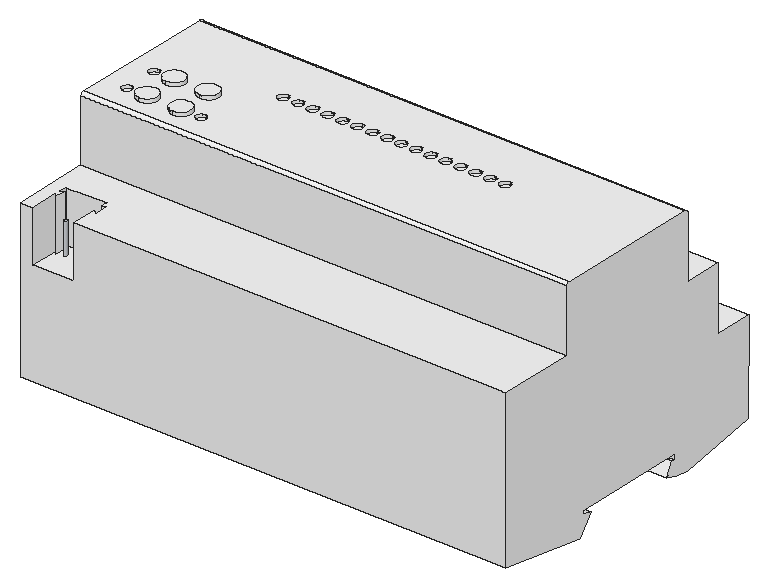
Revit family "Gira_107900", category Electrical Fixtures, host Face, Revit 2017
Family settings
  Host = Face
  Maintain Annotation Orientation = No
  Round Connector Dimension = Use Diameter
  Part Type = Normal
  Cut with Voids When Loaded = No
  Shared = No
  Room Calculation Point = No
Parameters (values of type "Pow.supply 640 mA w/o choke KNX DRA")
  URL = "https://www.gira.de/"
  Type Comments = ""
  Suitable for C-load = no
  Rated current [Ampere] = 0
  Number of integrated choke coils = 0
  Model = ""
  Max. number of switching contacts = 0
  Manufacturer = "Gira"
  Local operation/hand operation = no
  Keynote = ""
  HeinzeBIM = "https://www.heinze.de/bim/pow-supply-640-ma-w-o-choke-knx-dra/dcdc9d8b2239130fc9737134f1ddaba9afbbed0b"
  HAN = "107900"
  GTIN = "4010337009115"
  Description = "PS 640 mA w o choke DRA KNX KNX power supply 640 mA uninterruptible,DRA Features: - The uninterruptible power supply 640 mA generates the KNX system voltage. - With integrated choke for de-coupling the bus line from the power supply. - With connections for a lead-gel rechargeable accumulators for buffering KNX voltage in case of a mains failure. - Up to two lead-gel rechargeable accumulators can be connected and charged via the uninterruptible power supply. - The charging voltage is controlled depending on the temperature using a temperature sensor. - The uninterruptible power supply has a zero-voltage 2-way switch for reporting a fault (e.g. mains failure, battery failure, overload, or short circuit).,Notes : - Connection is made via KNX bus connection or junction terminals (no data rail required). - Recommendation: Overvoltage protection for Gira KNX products. - Overvoltage diverter BUStector BT 24, manufacturer: DEHN + SÖHNE, Article No. 925001."
  Default Elevation = 1219.2 mm
  Cost = 0
  Bus connection included = no
  BIMSITE_PRODUCT_ID = "dcdc9d8b2239130fc9737134f1ddaba9afbbed0b"
  BIM = "https://media.live.bim.site/t/eyJhbGciOiJIUzI1NiIsInR5cCI6IkpXVCJ9.eyJjdCI6MSwidGYiOiJwdWJsaWMvZ2lyYS8wOWY1ZGI1L1JFRyAxNmYucmZhIiwiY2lkIjoiZmVkOThlOWEtMWJkOC00YzY4LWE3M2ItNzRhOTRlMzE1ODIzIiwicmlkIjoiMzViNjEyZGYzMmE5YTE2YmNmNjc0ZjQyOTQwMDM4ZGMiLCJwaWQiOiJkY2RjOWQ4YjIyMzkxMzBmYzk3MzcxMzRmMWRkYWJhOWFmYmJlZDBiIiwic2lkIjoiNjM0NzAiLCJ1dCI6NSwibGMiOiJlbiIsImlhdCI6MTYwNzQzMTQ5NCwiaXNzIjoiaHR0cHM6Ly9hcGkubGl2ZS5iaW0uc2l0ZSIsInN1YiI6IjhkM2FhNWNiLWUwNjYtNDU5OC1iZTE2LTZlMTZlZTc0OTU2YSJ9.2GV00s8diAvY0cetTmTereBjHLc2FbKQk0LV6fJdawo/REG 16f.rfa"
  Assembly Code = ""
Reference planes
  plane 1 "Center (Front/Back)": y = 0
  plane 2: z = 0
  plane 3 "Center (Left/Right)": x = 0
Forms (mm)
  Extrusion 1, solid, material "White", detail levels fine
    sketch origin (-36, 0, 0) x (0, 1, 0) y (0, 0, 1)
      loop
        line (45.125, -2.619) -> (45.125, 24.95) -> (33.875, 24.95) -> (33.875, 43.8) -> (22.575, 43.8) -> (22.575, 62.05)
        arc (22.575, 62.05) -> (22.311, 62.686) -> (21.675, 62.95) r 0.9
        line (21.675, 62.95) -> (-21.175, 62.95)
        arc (-21.175, 62.95) -> (-21.785, 62.758) -> (-22.175, 62.25) r 1.064
        line (-22.175, 62.25) -> (-22.175, 43.8) -> (-44.725, 43.8) -> (-44.725, -2.619)
        arc (-44.725, -2.619) -> (-31.081, -5.433) -> (-17.243, -7.049) r 160
        line (-17.243, -7.049) -> (-13.165, -1.734) -> (-16.399, -0.807) -> (-16.399, 0) -> (17.8, 0) -> (17.8, -1.4) -> (16.8, -1.4) -> (14.749, -4.952)
        arc (14.749, -4.952) -> (18.64, -6.184) -> (22.7, -6.6) r 20
        arc (22.7, -6.6) -> (33.983, -5.009) -> (45.125, -2.619) r 160
    from -36 to 108
  Extrusion 2, void, detail levels fine
    sketch origin (-34, 0, 0) x (1, 0, 0) y (0, 1, 0)
      loop
        circle (30, 26.925) r 2.55
      loop
        circle (21.75, 26.925) r 2.55
      loop
        circle (12.75, 26.925) r 2.55
      loop
        circle (4.5, 26.925) r 2.55
      loop
        circle (-4.5, 26.925) r 2.55
      loop
        circle (-12.75, 26.925) r 2.55
      loop
        circle (-21.75, 26.925) r 2.55
      loop
        circle (-30, 26.925) r 2.55
    from 37.936 to 43.8
  Extrusion 3, void, detail levels fine
    sketch origin (-34, 11.25, -18.85) x (1, 0, 0) y (0, 1, 0)
      loop
        circle (30, 26.925) r 2.55
      loop
        circle (21.75, 26.925) r 2.55
      loop
        circle (12.75, 26.925) r 2.55
      loop
        circle (4.5, 26.925) r 2.55
      loop
        circle (-4.5, 26.925) r 2.55
      loop
        circle (-12.75, 26.925) r 2.55
      loop
        circle (-21.75, 26.925) r 2.55
      loop
        circle (-30, 26.925) r 2.55
    from 37.936 to 43.8
  Extrusion 4, void, detail levels fine
    sketch origin (-36, 0, 0) x (1, 0, 0) y (0, 1, 0)
      loop
        circle (-13, -3.875) r 3
      loop
        circle (-23, -3.875) r 3
      loop
        circle (-23, -13.875) r 3
      loop
        circle (-13, -13.875) r 3
      loop
        circle (-29, -3.875) r 1.575
      loop
        circle (-29, -13.875) r 1.575
      loop
        circle (-7, -13.875) r 1.575
      loop
        circle (2.006, 5.325) r 1.625
      loop
        circle (6.406, 5.325) r 1.575
      loop
        circle (10.806, 5.325) r 1.625
      loop
        circle (15.206, 5.325) r 1.625
      loop
        circle (19.606, 5.325) r 1.625
      loop
        circle (24.006, 5.325) r 1.625
      loop
        circle (28.406, 5.325) r 1.575
      loop
        circle (32.806, 5.325) r 1.625
      loop
        circle (37.006, 5.325) r 1.625
      loop
        circle (41.406, 5.325) r 1.575
      loop
        circle (45.806, 5.325) r 1.625
      loop
        circle (50.206, 5.325) r 1.625
      loop
        circle (54.606, 5.325) r 1.625
      loop
        circle (59.006, 5.325) r 1.625
      loop
        circle (63.406, 5.325) r 1.575
      loop
        circle (67.806, 5.325) r 1.625
    from 58.253 to 62.95
  Extrusion 5, void, detail levels fine
    sketch origin (-36, 0, 0) x (1, 0, 0) y (0, 1, 0)
      loop
        line (-32.175, -32.6) -> (-32.175, -34.9) -> (-31.24, -34.36) -> (-31.401, -37.165) -> (-32.175, -36.7) -> (-32.175, -44.875) -> (-20.175, -44.875) -> (-20.175, -37.33) -> (-19.075, -37.965) -> (-19.075, -33.635) -> (-20.175, -34.27) -> (-20.175, -32.6) -> (-32.175, -32.6)
    from 28.5 to 43.8
  Extrusion 6, solid, detail levels fine
    sketch origin (-36, 0, 0) x (1, 0, 0) y (0, 1, 0)
      loop
        circle (-29.375, -36.2) r 0.5
      loop
        circle (-23.575, -36.2) r 0.5
    from 28.5 to 37.5
  Extrusion 7, void, detail levels fine
    sketch origin (-34, 0, 0) x (1, 0, 0) y (0, 0, 1)
      loop
        line (32.368, 26.75) -> (32.35, 28.865) -> (32.319, 32.45) -> (27.731, 32.45) -> (27.682, 26.75) -> (32.368, 26.75)
      loop
        line (24.118, 26.75) -> (24.1, 28.865) -> (24.069, 32.45) -> (19.481, 32.45) -> (19.432, 26.75) -> (24.118, 26.75)
      loop
        line (15.118, 26.75) -> (15.1, 28.865) -> (15.069, 32.45) -> (10.481, 32.45) -> (10.432, 26.75) -> (15.118, 26.75)
      loop
        line (6.868, 26.75) -> (6.85, 28.865) -> (6.819, 32.45) -> (2.231, 32.45) -> (2.182, 26.75) -> (6.868, 26.75)
      loop
        line (-2.182, 26.75) -> (-2.2, 28.865) -> (-2.231, 32.45) -> (-6.819, 32.45) -> (-6.868, 26.75) -> (-2.182, 26.75)
      loop
        line (-10.432, 26.75) -> (-10.45, 28.865) -> (-10.481, 32.45) -> (-15.069, 32.45) -> (-15.118, 26.75) -> (-10.432, 26.75)
      loop
        line (-19.35, 26.75) -> (-19.369, 28.865) -> (-19.4, 32.45) -> (-23.987, 32.45) -> (-24.037, 26.75) -> (-19.35, 26.75)
      loop
        line (-27.682, 26.75) -> (-27.7, 28.865) -> (-27.731, 32.45) -> (-32.319, 32.45) -> (-32.368, 26.75) -> (-27.682, 26.75)
    from -29.206 to -33.875
  Extrusion 8, void, detail levels fine
    sketch origin (-34, 11.25, -19.567) x (1, 0, 0) y (0, 0, 1)
      loop
        line (32.368, 26.75) -> (32.35, 28.865) -> (32.319, 32.45) -> (27.731, 32.45) -> (27.682, 26.75) -> (32.368, 26.75)
      loop
        line (24.118, 26.75) -> (24.1, 28.865) -> (24.069, 32.45) -> (19.481, 32.45) -> (19.432, 26.75) -> (24.118, 26.75)
      loop
        line (15.118, 26.75) -> (15.1, 28.865) -> (15.069, 32.45) -> (10.481, 32.45) -> (10.432, 26.75) -> (15.118, 26.75)
      loop
        line (6.868, 26.75) -> (6.85, 28.865) -> (6.819, 32.45) -> (2.231, 32.45) -> (2.182, 26.75) -> (6.868, 26.75)
      loop
        line (-2.182, 26.75) -> (-2.2, 28.865) -> (-2.231, 32.45) -> (-6.819, 32.45) -> (-6.868, 26.75) -> (-2.182, 26.75)
      loop
        line (-10.432, 26.75) -> (-10.45, 28.865) -> (-10.481, 32.45) -> (-15.069, 32.45) -> (-15.118, 26.75) -> (-10.432, 26.75)
      loop
        line (-19.35, 26.75) -> (-19.369, 28.865) -> (-19.4, 32.45) -> (-23.987, 32.45) -> (-24.037, 26.75) -> (-19.35, 26.75)
      loop
        line (-27.682, 26.75) -> (-27.7, 28.865) -> (-27.731, 32.45) -> (-32.319, 32.45) -> (-32.368, 26.75) -> (-27.682, 26.75)
    from -29.206 to -33.875
  Extrusion 9, solid, material "White", detail levels fine
    sketch origin (-36, 0, 0) x (1, 0, 0) y (0, 1, 0)
      loop
        circle (2.006, 5.325) r 1.625
      loop
        circle (6.406, 5.325) r 1.575
      loop
        circle (10.806, 5.325) r 1.625
      loop
        circle (15.206, 5.325) r 1.625
      loop
        circle (19.606, 5.325) r 1.625
      loop
        circle (24.006, 5.325) r 1.625
      loop
        circle (28.406, 5.325) r 1.575
      loop
        circle (32.806, 5.325) r 1.625
      loop
        circle (-29, -3.875) r 1.575
      loop
        circle (-29, -13.875) r 1.575
      loop
        circle (-7, -13.875) r 1.575
      loop
        circle (37.006, 5.325) r 1.625
      loop
        circle (41.406, 5.325) r 1.575
      loop
        circle (45.806, 5.325) r 1.625
      loop
        circle (50.206, 5.325) r 1.625
      loop
        circle (54.606, 5.325) r 1.625
      loop
        circle (59.006, 5.325) r 1.625
      loop
        circle (63.406, 5.325) r 1.575
      loop
        circle (67.806, 5.325) r 1.625
    from 58.253 to 62.25
  Extrusion 10, solid, material "White", detail levels fine
    sketch origin (-36, 0, 0) x (1, 0, 0) y (0, 1, 0)
      loop
        circle (-23, -3.875) r 3
      loop
        circle (-13, -3.875) r 3
      loop
        circle (-23, -13.875) r 3
      loop
        circle (-13, -13.875) r 3
    from 58.253 to 63.841
  Extrusion 11, solid, material "White", detail levels fine
    sketch origin (-36, 0, 0) x (0, 1, 0) y (0, 0, 1)
      loop
        line (45.125, -2.619) -> (45.125, 24.95) -> (33.875, 24.95) -> (33.875, 43.8) -> (22.575, 43.8) -> (22.575, 62.05)
        arc (22.575, 62.05) -> (22.311, 62.686) -> (21.675, 62.95) r 0.9
        line (21.675, 62.95) -> (-21.175, 62.95)
        arc (-21.175, 62.95) -> (-21.785, 62.758) -> (-22.175, 62.25) r 1.064
        line (-22.175, 62.25) -> (-22.175, 43.8) -> (-44.725, 43.8) -> (-44.725, -2.619)
        arc (-44.725, -2.619) -> (-31.081, -5.433) -> (-17.243, -7.049) r 160
        line (-17.243, -7.049) -> (-13.165, -1.734) -> (-16.399, -0.807) -> (-16.399, 0) -> (17.8, 0) -> (17.8, -1.4) -> (16.8, -1.4) -> (14.749, -4.952)
        arc (14.749, -4.952) -> (18.64, -6.184) -> (22.7, -6.6) r 20
        arc (22.7, -6.6) -> (33.983, -5.009) -> (45.125, -2.619) r 160
    from -36 to 108
  Extrusion 12, void, detail levels fine
    sketch origin (34, 0, 0) x (-1, 0, 0) y (0, -1, 0)
      loop
        circle (30, -26.925) r 2.55
      loop
        circle (21.75, -26.925) r 2.55
      loop
        circle (12.75, -26.925) r 2.55
      loop
        circle (4.5, -26.925) r 2.55
      loop
        circle (-4.5, -26.925) r 2.55
      loop
        circle (-12.75, -26.925) r 2.55
      loop
        circle (-21.75, -26.925) r 2.55
      loop
        circle (-30, -26.925) r 2.55
    from 37.936 to 43.8
  Extrusion 13, void, detail levels fine
    sketch origin (34, 11.25, -18.85) x (-1, 0, 0) y (0, -1, 0)
      loop
        circle (30, -26.925) r 2.55
      loop
        circle (21.75, -26.925) r 2.55
      loop
        circle (12.75, -26.925) r 2.55
      loop
        circle (4.5, -26.925) r 2.55
      loop
        circle (-4.5, -26.925) r 2.55
      loop
        circle (-12.75, -26.925) r 2.55
      loop
        circle (-21.75, -26.925) r 2.55
      loop
        circle (-30, -26.925) r 2.55
    from 37.936 to 43.8
  Extrusion 14, void, detail levels fine
    sketch origin (34, 0, 0) x (-1, 0, 0) y (0, 0, -1)
      loop
        line (32.368, -26.75) -> (27.682, -26.75) -> (27.731, -32.45) -> (32.319, -32.45) -> (32.35, -28.865) -> (32.368, -26.75)
      loop
        line (24.118, -26.75) -> (19.432, -26.75) -> (19.481, -32.45) -> (24.069, -32.45) -> (24.1, -28.865) -> (24.118, -26.75)
      loop
        line (15.118, -26.75) -> (10.432, -26.75) -> (10.481, -32.45) -> (15.069, -32.45) -> (15.1, -28.865) -> (15.118, -26.75)
      loop
        line (6.868, -26.75) -> (2.182, -26.75) -> (2.231, -32.45) -> (6.819, -32.45) -> (6.85, -28.865) -> (6.868, -26.75)
      loop
        line (-2.182, -26.75) -> (-6.868, -26.75) -> (-6.819, -32.45) -> (-2.231, -32.45) -> (-2.2, -28.865) -> (-2.182, -26.75)
      loop
        line (-10.432, -26.75) -> (-15.118, -26.75) -> (-15.069, -32.45) -> (-10.481, -32.45) -> (-10.45, -28.865) -> (-10.432, -26.75)
      loop
        line (-19.35, -26.75) -> (-24.037, -26.75) -> (-23.987, -32.45) -> (-19.4, -32.45) -> (-19.369, -28.865) -> (-19.35, -26.75)
      loop
        line (-27.682, -26.75) -> (-32.368, -26.75) -> (-32.319, -32.45) -> (-27.731, -32.45) -> (-27.7, -28.865) -> (-27.682, -26.75)
    from -29.206 to -33.875
  Extrusion 15, void, detail levels fine
    sketch origin (34, 11.25, -19.567) x (-1, 0, 0) y (0, 0, -1)
      loop
        line (32.368, -26.75) -> (27.682, -26.75) -> (27.731, -32.45) -> (32.319, -32.45) -> (32.35, -28.865) -> (32.368, -26.75)
      loop
        line (24.118, -26.75) -> (19.432, -26.75) -> (19.481, -32.45) -> (24.069, -32.45) -> (24.1, -28.865) -> (24.118, -26.75)
      loop
        line (15.118, -26.75) -> (10.432, -26.75) -> (10.481, -32.45) -> (15.069, -32.45) -> (15.1, -28.865) -> (15.118, -26.75)
      loop
        line (6.868, -26.75) -> (2.182, -26.75) -> (2.231, -32.45) -> (6.819, -32.45) -> (6.85, -28.865) -> (6.868, -26.75)
      loop
        line (-2.182, -26.75) -> (-6.868, -26.75) -> (-6.819, -32.45) -> (-2.231, -32.45) -> (-2.2, -28.865) -> (-2.182, -26.75)
      loop
        line (-10.432, -26.75) -> (-15.118, -26.75) -> (-15.069, -32.45) -> (-10.481, -32.45) -> (-10.45, -28.865) -> (-10.432, -26.75)
      loop
        line (-19.35, -26.75) -> (-24.037, -26.75) -> (-23.987, -32.45) -> (-19.4, -32.45) -> (-19.369, -28.865) -> (-19.35, -26.75)
      loop
        line (-27.682, -26.75) -> (-32.368, -26.75) -> (-32.319, -32.45) -> (-27.731, -32.45) -> (-27.7, -28.865) -> (-27.682, -26.75)
    from -29.206 to -33.875
  Extrusion 16, solid, material "White", detail levels medium
    sketch origin (0, 0, 0) x (0, 1, 0) y (0, 0, 1)
      loop
        line (22.575, 63.841) -> (-22.175, 63.841) -> (-22.175, 43.8) -> (-44.725, 43.8) -> (-44.725, -7.049) -> (45.125, -7.049) -> (45.125, 24.95) -> (33.875, 24.95) -> (33.875, 43.8) -> (22.575, 43.8) -> (22.575, 63.841)
    from -72 to 72
  Extrusion 17, solid, material "White", detail levels coarse
    sketch origin (0, 0, 0) x (0, 1, 0) y (0, 0, 1)
      loop
        line (45.125, 63.841) -> (-44.725, 63.841) -> (-44.725, -7.049) -> (45.125, -7.049) -> (45.125, 63.841)
    from -72 to 72
Cuts and joins
  Extrusion 2, Extrusion 3, Extrusion 4, Extrusion 5, Extrusion 7, Extrusion 8, Extrusion 12, Extrusion 13, Extrusion 14, Extrusion 15 cuts Extrusion 1
  Extrusion 2, Extrusion 3, Extrusion 4, Extrusion 5, Extrusion 7, Extrusion 8, Extrusion 12, Extrusion 13, Extrusion 14, Extrusion 15 cuts Extrusion 11
Dimensions and locks
  aligned and locked: plane 2 to host face
  aligned and locked: level to host face
